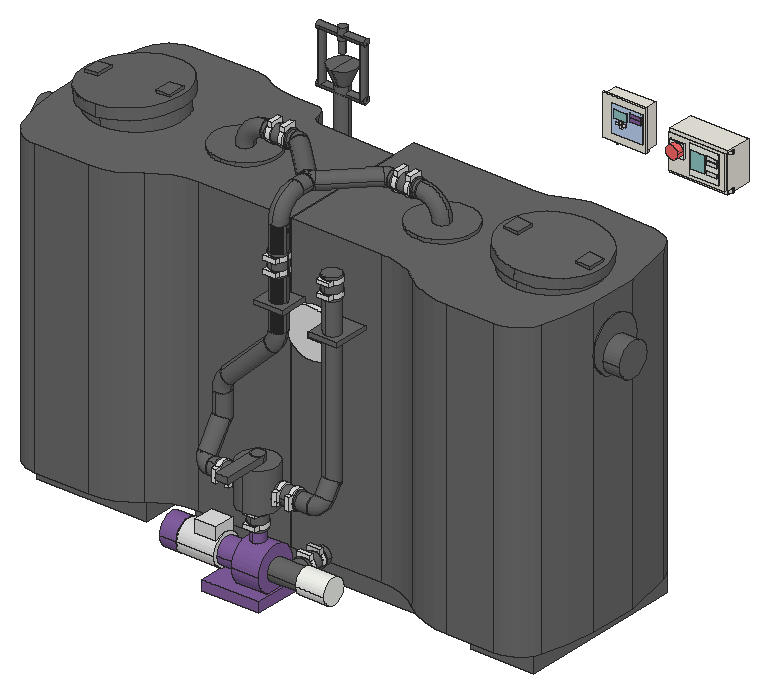
Revit family "93010.02_ms", category Generic Models, Revit 2021
Family settings
  Can host rebar = No
  Round Connector Dimension = Use Diameter
  Part Type = Normal
  Work Plane-Based = No
  Always vertical = Yes
  Cut with Voids When Loaded = No
  Shared = Yes
  Room Calculation Point = No
Parameters (values of type "93010.02_MS")
  SUPPLIER = "KESSEL"
  SA810ID06 = "4026092065051"
  SA810ID03 = "93010.02/MS"
  SA71009ID06 = 3000 W
  SA71009ID05 = 3600 W
  SA71009ID04 = 1
  SA700ID17 = 1255 mm
  SA700ID14 = "ohne Angabe"
  SA700ID13 = 70 mm
  SA700ID09 = 1678 mm
  SA700ID08 = 940 mm
  SA700ID07 = 2590 mm
  SA700ID06 = 1000
  SA700ID05 = 10
  SA700ID04 = "Grease separator EasyClean free NS 10, Mix & Pump, SonicControl"
  SA500ID03 = "Sludge trap, integrated"
  SA400ID03 = "PE (Polyethylen)"
  SA250ID03 = "temperierte Umhausung"
  SA200ID03 = "free-standing set-up"
  SA100ID04 = "Abscheideranlage für Fette (Schlammfang und Fettabscheider)"
  PROCUREWEBLINK = "https://p.caden.as/kessel/93010.02%2FMS"
  PROCURELINK = "p.caden.as/kessel/93010.02%2FMS"
  PROCUREDATALASTUPDATE = "2024-05-22T12:18:15.742569325+01:00"
  PRC_SPECIFICATIONLINK = "https://ausschreiben.de/catalog/kessel/catalogItem/57364cce-6de5-4a7b-8ebc-f47fc08e488d"
  NN = "EasyClean free Mix & Pump grease separator"
  NBSYN = "$SA810ID03."
  NB = "93010.02/MS"
  Model = "93010.02/MS"
  Manufacturer = "KESSEL"
  MIdent = "{$CADENAS_DATA/23d-libs/kessel/kessel_vdi_import/40/abscheideranlage20fuer20fette/easyclean_free_mix_pump.prj},210 {STYP=ASS},{VTYP=3D},{NB=93010.02/MS},{LINA=93010.02/MS},{NN=EasyClean free Mix & Pump grease separator},{DATE=21.12.2022 12:04:43},{GEOMDATE=17.11.2022 09:57:07},{VERSION=},{LINEID=240},{WBVAR=},{WBNUMERIC=}  {NB=93010.02/MS},{LINA=93010.02/MS},{KT=DUMMY},{PREVIEW=../../bilder/ksb_w_9301002ms.png},{SA700ID04=Fettabscheider EasyClean free NS 10, Mix & Pump, SonicControl},{SA810ID06=4026092065051},{SA010ID04=KESSEL AG},{SA810ID03=93010.02/MS},{SA100ID04=Abscheideranlage für Fette (Schlammfang und Fettabscheider)},{SA200ID03=Freiaufstellung},{SA400ID03=PE (Polyethylen)},{SA500ID03=Schlammfang integriert},{SA700ID05=10.00},{SA700ID06=1000},{SA71009ID04=1},{SA71009ID05=3.60},{SA71009ID06=3.00},{SA250ID03=temperierte Umhausung},{SA700ID07=2590},{SA700ID09=1678},{SA700ID13=70},{SA700ID17=1255},{SA700ID08=940},{SA810ID10=\\\"Der Abscheider für fetthaltiges Abwasser ist für die freie Aufstellung in frostgeschützten Räumen geeignet und verzichtet auf metallische Bauteile im Behälter. Der Sammelbehälter aus dauerhaft beständigem Kunststoff (PE) ist mit einem integrierten Schlammfang ausgestattet und besitzt ein konisch zulaufendes Bodenteil für eine schnelle und saubere Entsorgung. Zwei geruchsdichte Deckel mit Schnellspannverschlüssen ermöglichen einen einfachen Zugang für Reinigungs- und Wartungsarbeiten.Das innovative Schredder-Mix-System mit integriertem Zerhacker übernimmt die Homogenisierung und Umwälzung des Behälterinhaltes. Die Reinigung und geruchsneutrale Entsorgung erfolgt dabei über eine außenliegende Pumpe mit 2-Wege-Ventil und Umschalthebel, die mit einem Absperrschieber vom Behälter getrennt werden kann. Nach der Entsorgung sind nur noch max. 3 Liter Schlammrestvolumen im Behälter vorhanden.Die manuelle Steuerung erfolgt durch ein anwenderfreundliches Schaltgerät, das über einen potentialfreien Kontakt in die Gebäudeleittechnik eingebunden werden kann.Gewährleistung auf den Werkstoff PE 20 Jahre.Ausführung:Absperreinrichtung: jaEntsorgungsart: manuelles Entsorgungs- und ReinigungssystemEntsorgungseinrichtung: EntsorgungspumpeEntsorgungsvariante: Mix & PumpFülleinrichtung nach DIN 1988: jaNenngröße (NS): 10Schauglas: jaSchredder-Mix-System: jaSonicControl: jaWasserversorgung: 1 Schraubventil 1\\\"\\\"Tragfähigkeit (DIN 19901): F3Lieferumfang: Storz-B-Kupplung R 2 1/2 \\\"\\\" für SaugwagenanschlussEinbausituation: freie AufstellungAllgemeine Merkmale:Material: PENorm: EN 1825: 2004, DIN 4040-100Abmessungen:Aufstellfläche Länge: 2.822 mmAufstellfläche Breite: 1.108 mmAufstellfläche Höhe: 1.932 mmEinbringmaß Länge: 2.590 mmEinbringmaß Breite: 940 mmEinbringmaß Höhe: 1.678 mmBehälter/Grundkörper:Zulauf Nennweite (DN): 150 mmZulauf Nennweite (DA): 160 mmAuslauf Nennweite (DN): 150Auslauf Nennweite (DA): 160Abstand Rohrsohle Zulauf zu Behälterboden: 1.255 mmAbstand Rohrsohle Auslauf zu Behälterboden: 1.185 mmAnschluss Zu-/Auslaufstutzen: PE-HD-Rohre nach DIN 19537, HT-Rohre nach DIN 19560, PP oder ASDruckabgang (DA): 75 mmDruckabgang (DN): 65 mmNenndruck (PN): 10Abdeckungsmerkmale:Abdeckungsart: DeckelAbdeckung Material: KunststoffAbdeckung Farbe: violettDichtheit: geruchsdichtVerriegelung: SchnellspannverschlussAbwasserinhalt:Abscheiderinhalt: 900 lGesamtvolumen: 1.900 lSchlammfanginhalt: 1.000 lSpeichermenge an Fett: 400 lFördereinrichtung:Pumpe: SPF 300 KE 2.0Anzahl Pumpen: 1Förderhöhe max.: 17 mFörderleistung max.: 60 m3/hBetriebsspannung: 400 VNetzfrequenz: 50 HzBetriebsart: S2 - 30 Min.Leistung P1: 3,6 kWLeistung P2: 3 kWDrehzahl: 2.850 U/minErforderliche Absicherung (Leitungsschutz): Absicherung über Schaltgerät 400 VFörderguttemperatur (dauerhaft) max.: 40 °CAnschlusstyp: DirektanschlussGewicht: 44 kgLaufrad Typ: Radiallaufrad mit ZerhackerLänge Netzanschlussleitung Pumpe: 5 mNennstrom: 6,2 ASchutzart Pumpe: IP 55Schutzklasse: ITyp Anschlussleitung Pumpe: H07RN-F 7G 1,5 mm2Temperaturüberwachung: integriertSteuerung:Schaltgerät: jaBetriebsspannung: 400 VNetzfrequenz: 50 HzSelbstdiagnosesystem (SDS): jaBatteriepufferung: neinMehrzeilige Displayanzeige: neinLogbuchfunktion: neinUSB-Schnittstelle: neinGSM-Schnittstelle: neinPotentialfreier Kontakt: jaErforderliche Absicherung (Leitungsschutz): 3 x C 16 AErforderliche Absicherung (RCD): 30 mAMotorschutz Schalter: jaSchutzart Schaltgerät: IP 54\\\"},{SA700ID14=ohne Angabe},{LODLEVEL=0},{CATEGORY3AA=},{CATEGORY3AB=EasyClean free Mix & Pump},{CATEGORY3AC=},{CATEGORY3AD=},{CATEGORY3AE=},{CATEGORY3AF=},{BEZEICHNUNG=},{BREITE=0.0},{TIEFE=MIN},{HOEHE=MIN},{MASSE=MIN},{LOD_=0,'Low'},{LOD_DEU=0,'Low'},{LOD_3DB=93010.02/MS_0},{DNIN1=150},{DNIN2=10},{DNIN3=10},{DNIN4=10},{DNIN5=MIN},{DNIN6=MIN},{DNIN7=MIN},{DNOUT1=150},{DNOUT2=50},{ISD=80},{ISD2=10},{SA960ID03=103},{SA960ID04=3L},{SA960ID08=http://www.kessel.de/info?han=93010.02/MS},{SA010ID01=010},{SA010ID02=40},{SA010ID06=www.kessel.de},{SA010ID08=4026092000007},{SA100ID01=100},{SA100ID02=1},{SA740ID01=740},{SA200ID01=200},{SA200ID02=1},{SA250ID01=250},{SA250ID02=1},{SA400ID01=400},{SA400ID02=1},{SA500ID01=500},{SA500ID02=1},{SA700ID01=700},{SA700ID02=103},{SA700ID14_=0},{SA71009ID01=710.09},{SA71009ID02=1},{SA71009ID03=SPF 300 KE 2.0},{SA71009ID07=IP55},{SA71009ID08=1},{SA71009ID09=1},{SA71009ID10=60},{SA71009ID11=17},{SA810ID01=810},{SA810ID02=103},{SA810ID04=93010.02/MS},{SA810ID07=103},{SA810ID14=PCE},{LINK=http://www.kessel.de/info?han=93010.02/MS},{LINK_=http://www.kessel.de/info?han=93010.02/MS},{LINK_DEU=http://www.kessel.de/info?han=93010.02/MS},{LODLEVELVIS=Low}"
  LINK = "http://www.kessel.de/info?han=93010.02/MS"
  LINA = "93010.02/MS"
  Default Elevation = 0 mm
  CREATOR = "CADENAS GmbH"
  CATALOG = "KESSEL"
  BOMINFO = "LINA"
  ARTICLENO = "NB"
Reference planes
  plane 1 "Center (Front/Back)": y = 0
  plane 2: z = 0
  plane 3 "Center (Left/Right)": x = 0
Dimensions and locks
  aligned and locked: level to plane 2
Nested families
  nested 1: "93010.02_ms_content" at (0, 0, 0), type "93010.02_MS_Content"
  nested 2: "93010.02_ms_part1_X0Y0" at (1000, 1000, 1500), type "93010.02_MS_PART1_X0Y0"
  nested 3: "93010.02_ms_part2_X0Y0" at (600, 1000, 1500), type "93010.02_MS_PART2_X0Y0"
  nested 4: "93010.02_ms_part3_X0Y0" at (0, 0, 0), type "93010.02_MS_PART3_X0Y0"
Connectors
  electrical at (910.5, 933.5, 1478)
    settings: on nested 2, index 1, voltage 0 V, apparent load 0 VA, apparent load phase1 0 VA, apparent load phase2 0 VA, apparent load phase3 0 VA, power factor 1, load classification "Other", number of poles 1, system type 31, power factor state 1, is connector primary yes, connector utility no, sub classification motor no, connector description ""
  electrical at (536, 972.5, 1469)
    settings: on nested 3, index 2, voltage 0 V, apparent load 0 VA, apparent load phase1 0 VA, apparent load phase2 0 VA, apparent load phase3 0 VA, power factor 1, load classification "Other", number of poles 1, system type 31, power factor state 1, is connector primary no, connector utility no, sub classification motor no, connector description ""
  piping at (-1440.3, 0, 1336), diameter 150
    settings: on nested 4, index 3, connector inside diameter 609.6 mm, connector length 0 mm, flow factor 0, pipe flow 0.0 L/s, pressure drop 0.0 Pa, fitting loss kfactor 0, connector angle 0.00°, fixture units 0, engagement length 0 mm, angle of deflection 0.00°, flow configuration 0, flow direction 1, fitting loss method 2, system type 8, joint type 0, gender type 0, connector reference index -1, connector utility 0, adjustable connector no, is connector primary yes, connector description ""
  piping at (-305, 374, 1937.9), diameter 10
    settings: on nested 4, index 4, connector inside diameter 609.6 mm, connector length 0 mm, flow factor 0, pipe flow 0.0 L/s, pressure drop 0.0 Pa, fitting loss kfactor 0, connector angle 0.00°, fixture units 0, engagement length 0 mm, angle of deflection 0.00°, flow configuration 0, flow direction 1, fitting loss method 2, system type 8, joint type 0, gender type 0, connector reference index -1, connector utility 0, adjustable connector no, is connector primary no, connector description ""
  piping at (290, -432.5, 1442), diameter 10
    settings: on nested 4, index 5, connector inside diameter 609.6 mm, connector length 0 mm, flow factor 0, pipe flow 0.0 L/s, pressure drop 0.0 Pa, fitting loss kfactor 0, connector angle 0.00°, fixture units 0, engagement length 0 mm, angle of deflection 0.00°, flow configuration 0, flow direction 1, fitting loss method 2, system type 8, joint type 0, gender type 0, connector reference index -1, connector utility 0, adjustable connector no, is connector primary no, connector description ""
  piping at (1387.2, 0, 1265), diameter 150
    settings: on nested 4, index 6, connector inside diameter 609.6 mm, connector length 0 mm, flow factor 0, pipe flow 0.0 L/s, pressure drop 0.0 Pa, fitting loss kfactor 0, connector angle 0.00°, fixture units 0, engagement length 0 mm, angle of deflection 0.00°, flow configuration 0, flow direction 2, fitting loss method 2, system type 7, joint type 0, gender type 0, connector reference index -1, connector utility 0, adjustable connector no, is connector primary no, connector description ""
  electrical at (-212, -514.5, 248.5)
    settings: on nested 4, index 7, voltage 0 V, apparent load 0 VA, apparent load phase1 0 VA, apparent load phase2 0 VA, apparent load phase3 0 VA, power factor 1, load classification "Other", number of poles 1, system type 31, power factor state 1, is connector primary no, connector utility no, sub classification motor no, connector description ""
Definition of nested family "93010.02_ms_part1_X0Y0"
  Parameters (values of type "93010.02_MS_PART1_X0Y0")
    SUPPLIER = "KESSEL"
    SA810ID06 = "4026092065051"
    SA810ID03 = "93010.02/MS"
    SA71009ID06 = 3000 W
    SA71009ID05 = 3600 W
    SA71009ID04 = 1
    SA700ID17 = 1255 mm
    SA700ID14 = "ohne Angabe"
    SA700ID13 = 70 mm
    SA700ID09 = 1678 mm
    SA700ID08 = 940 mm
    SA700ID07 = 2590 mm
    SA700ID06 = 1000
    SA700ID05 = 10
    SA700ID04 = "Grease separator EasyClean free NS 10, Mix & Pump, SonicControl"
    SA500ID03 = "Sludge trap, integrated"
    SA400ID03 = "PE (Polyethylen)"
    SA250ID03 = "temperierte Umhausung"
    SA200ID03 = "free-standing set-up"
    SA100ID04 = "Abscheideranlage für Fette (Schlammfang und Fettabscheider)"
    NBSYN = "$SA810ID03._PART1"
    NB = "93010.02/MS_PART1"
    Model = "93010.02/MS_PART1"
    Manufacturer = "KESSEL"
    MIdent = "{$CADENAS_DATA/23d-libs/kessel/kessel_vdi_import/40/abscheideranlage20fuer20fette/easyclean_free_mix_pump.prj},230 {VTYP=3D},{NB=93010.02/MS_PART1},{LINA=93010.02/MS_PART1},{NN=EasyClean free Mix & Pump grease separator_PART1},{NOPRJ=TRUE},{DATE=21.12.2022 12:04:43},{GEOMDATE=17.11.2022 09:57:07},{VERSION=},{LINEID=240},{WBVAR=},{WBNUMERIC=}  {NB=93010.02/MS_PART1},{LINA=93010.02/MS_PART1},{KT=DUMMY},{PREVIEW=../../bilder/ksb_w_9301002ms.png},{SA700ID04=Fettabscheider EasyClean free NS 10, Mix & Pump, SonicControl},{SA810ID06=4026092065051},{SA010ID04=KESSEL AG},{SA810ID03=93010.02/MS},{SA100ID04=Abscheideranlage für Fette (Schlammfang und Fettabscheider)},{SA200ID03=Freiaufstellung},{SA400ID03=PE (Polyethylen)},{SA500ID03=Schlammfang integriert},{SA700ID05=10.00},{SA700ID06=1000},{SA71009ID04=1},{SA71009ID05=3.60},{SA71009ID06=3.00},{SA250ID03=temperierte Umhausung},{SA700ID07=2590},{SA700ID09=1678},{SA700ID13=70},{SA700ID17=1255},{SA700ID08=940},{SA810ID10=\\\"Der Abscheider für fetthaltiges Abwasser ist für die freie Aufstellung in frostgeschützten Räumen geeignet und verzichtet auf metallische Bauteile im Behälter. Der Sammelbehälter aus dauerhaft beständigem Kunststoff (PE) ist mit einem integrierten Schlammfang ausgestattet und besitzt ein konisch zulaufendes Bodenteil für eine schnelle und saubere Entsorgung. Zwei geruchsdichte Deckel mit Schnellspannverschlüssen ermöglichen einen einfachen Zugang für Reinigungs- und Wartungsarbeiten.Das innovative Schredder-Mix-System mit integriertem Zerhacker übernimmt die Homogenisierung und Umwälzung des Behälterinhaltes. Die Reinigung und geruchsneutrale Entsorgung erfolgt dabei über eine außenliegende Pumpe mit 2-Wege-Ventil und Umschalthebel, die mit einem Absperrschieber vom Behälter getrennt werden kann. Nach der Entsorgung sind nur noch max. 3 Liter Schlammrestvolumen im Behälter vorhanden.Die manuelle Steuerung erfolgt durch ein anwenderfreundliches Schaltgerät, das über einen potentialfreien Kontakt in die Gebäudeleittechnik eingebunden werden kann.Gewährleistung auf den Werkstoff PE 20 Jahre.Ausführung:Absperreinrichtung: jaEntsorgungsart: manuelles Entsorgungs- und ReinigungssystemEntsorgungseinrichtung: EntsorgungspumpeEntsorgungsvariante: Mix & PumpFülleinrichtung nach DIN 1988: jaNenngröße (NS): 10Schauglas: jaSchredder-Mix-System: jaSonicControl: jaWasserversorgung: 1 Schraubventil 1\\\"\\\"Tragfähigkeit (DIN 19901): F3Lieferumfang: Storz-B-Kupplung R 2 1/2 \\\"\\\" für SaugwagenanschlussEinbausituation: freie AufstellungAllgemeine Merkmale:Material: PENorm: EN 1825: 2004, DIN 4040-100Abmessungen:Aufstellfläche Länge: 2.822 mmAufstellfläche Breite: 1.108 mmAufstellfläche Höhe: 1.932 mmEinbringmaß Länge: 2.590 mmEinbringmaß Breite: 940 mmEinbringmaß Höhe: 1.678 mmBehälter/Grundkörper:Zulauf Nennweite (DN): 150 mmZulauf Nennweite (DA): 160 mmAuslauf Nennweite (DN): 150Auslauf Nennweite (DA): 160Abstand Rohrsohle Zulauf zu Behälterboden: 1.255 mmAbstand Rohrsohle Auslauf zu Behälterboden: 1.185 mmAnschluss Zu-/Auslaufstutzen: PE-HD-Rohre nach DIN 19537, HT-Rohre nach DIN 19560, PP oder ASDruckabgang (DA): 75 mmDruckabgang (DN): 65 mmNenndruck (PN): 10Abdeckungsmerkmale:Abdeckungsart: DeckelAbdeckung Material: KunststoffAbdeckung Farbe: violettDichtheit: geruchsdichtVerriegelung: SchnellspannverschlussAbwasserinhalt:Abscheiderinhalt: 900 lGesamtvolumen: 1.900 lSchlammfanginhalt: 1.000 lSpeichermenge an Fett: 400 lFördereinrichtung:Pumpe: SPF 300 KE 2.0Anzahl Pumpen: 1Förderhöhe max.: 17 mFörderleistung max.: 60 m3/hBetriebsspannung: 400 VNetzfrequenz: 50 HzBetriebsart: S2 - 30 Min.Leistung P1: 3,6 kWLeistung P2: 3 kWDrehzahl: 2.850 U/minErforderliche Absicherung (Leitungsschutz): Absicherung über Schaltgerät 400 VFörderguttemperatur (dauerhaft) max.: 40 °CAnschlusstyp: DirektanschlussGewicht: 44 kgLaufrad Typ: Radiallaufrad mit ZerhackerLänge Netzanschlussleitung Pumpe: 5 mNennstrom: 6,2 ASchutzart Pumpe: IP 55Schutzklasse: ITyp Anschlussleitung Pumpe: H07RN-F 7G 1,5 mm2Temperaturüberwachung: integriertSteuerung:Schaltgerät: jaBetriebsspannung: 400 VNetzfrequenz: 50 HzSelbstdiagnosesystem (SDS): jaBatteriepufferung: neinMehrzeilige Displayanzeige: neinLogbuchfunktion: neinUSB-Schnittstelle: neinGSM-Schnittstelle: neinPotentialfreier Kontakt: jaErforderliche Absicherung (Leitungsschutz): 3 x C 16 AErforderliche Absicherung (RCD): 30 mAMotorschutz Schalter: jaSchutzart Schaltgerät: IP 54\\\"},{SA700ID14=ohne Angabe},{LODLEVEL=0},{CATEGORY3AA=},{CATEGORY3AB=EasyClean free Mix & Pump},{CATEGORY3AC=},{CATEGORY3AD=},{CATEGORY3AE=},{CATEGORY3AF=},{BEZEICHNUNG=},{BREITE=0.0},{TIEFE=MIN},{HOEHE=MIN},{MASSE=MIN},{LOD_=0,'Low'},{LOD_DEU=0,'Low'},{LOD_3DB=93010.02/MS_0},{DNIN1=150},{DNIN2=10},{DNIN3=10},{DNIN4=10},{DNIN5=MIN},{DNIN6=MIN},{DNIN7=MIN},{DNOUT1=150},{DNOUT2=50},{ISD=80},{ISD2=10},{SA960ID03=103},{SA960ID04=3L},{SA960ID08=http://www.kessel.de/info?han=93010.02/MS},{SA010ID01=010},{SA010ID02=40},{SA010ID06=www.kessel.de},{SA010ID08=4026092000007},{SA100ID01=100},{SA100ID02=1},{SA740ID01=740},{SA200ID01=200},{SA200ID02=1},{SA250ID01=250},{SA250ID02=1},{SA400ID01=400},{SA400ID02=1},{SA500ID01=500},{SA500ID02=1},{SA700ID01=700},{SA700ID02=103},{SA700ID14_=0},{SA71009ID01=710.09},{SA71009ID02=1},{SA71009ID03=SPF 300 KE 2.0},{SA71009ID07=IP55},{SA71009ID08=1},{SA71009ID09=1},{SA71009ID10=60},{SA71009ID11=17},{SA810ID01=810},{SA810ID02=103},{SA810ID04=93010.02/MS},{SA810ID07=103},{SA810ID14=PCE},{LINK=http://www.kessel.de/info?han=93010.02/MS},{LINK_=http://www.kessel.de/info?han=93010.02/MS},{LINK_DEU=http://www.kessel.de/info?han=93010.02/MS},{LODLEVELVIS=Low}"
    LINK = "http://www.kessel.de/info?han=93010.02/MS"
    LINA = "93010.02/MS_PART1"
    Default Elevation = 1219.2 mm
    CREATOR = "CADENAS GmbH"
    CATALOG = "KESSEL"
    BOMINFO = "LINA"
    ARTICLENO = "NB"
  Reference planes
    plane 1 "Center (Front/Back)": y = 0
    plane 2: z = 0
    plane 3 "Center (Left/Right)": x = 0
  Dimensions and locks
    aligned and locked: level to plane 2
  Nested families
    nested 1: "93010.02_ms_part1_content" at (0, 0, 0), type "93010.02_MS_PART1_Content"
  Definition of nested family "93010.02_ms_part1_content"
    Parameters (values of type "93010.02_MS_PART1_Content")
      SUPPLIER = "KESSEL"
      SA810ID06 = "4026092065051"
      SA810ID03 = "93010.02/MS"
      SA71009ID06 = 3000 W
      SA71009ID05 = 3600 W
      SA71009ID04 = 1
      SA700ID17 = 1255 mm
      SA700ID14 = "ohne Angabe"
      SA700ID13 = 70 mm
      SA700ID09 = 1678 mm
      SA700ID08 = 940 mm
      SA700ID07 = 2590 mm
      SA700ID06 = 1000
      SA700ID05 = 10
      SA700ID04 = "Grease separator EasyClean free NS 10, Mix & Pump, SonicControl"
      SA500ID03 = "Sludge trap, integrated"
      SA400ID03 = "PE (Polyethylen)"
      SA250ID03 = "temperierte Umhausung"
      SA200ID03 = "free-standing set-up"
      SA100ID04 = "Abscheideranlage für Fette (Schlammfang und Fettabscheider)"
      NBSYN = "$SA810ID03._PART1"
      NB = "93010.02/MS_PART1"
      Model = "93010.02/MS_PART1"
      Manufacturer = "KESSEL"
      LINK = "http://www.kessel.de/info?han=93010.02/MS"
      LINA = "93010.02/MS_PART1"
      Default Elevation = 1219.2 mm
      CREATOR = "CADENAS GmbH"
      CATALOG = "KESSEL"
      BOMINFO = "LINA"
      ARTICLENO = "NB"
    Reference planes
      plane 1 "Center (Front/Back)": y = 0
      plane 2: z = 0
      plane 3 "Center (Left/Right)": x = 0
    Forms (mm)
      Extrusion 1, solid, detail levels medium+fine
        sketch origin (139, 0, 0) x (0, -1, 0) y (0, 0, 1)
          loop
            line (0, 188) -> (0, 0) -> (122.5, 0) -> (122.5, 188) -> (0, 188)
        from 0 to 278
      Extrusion 2, solid, detail levels medium+fine
        sketch origin (130, -122.5, 14) x (0, -1, 0) y (0, 0, 1)
          loop
            line (0, 160) -> (0, 0) -> (5, 0) -> (5, 160) -> (0, 160)
        from 0 to 269
      Extrusion 3, solid, detail levels medium+fine
        sketch origin (100, -127.5, 26) x (0, -1, 0) y (0, 0, 1)
          loop
            line (-1.5, 135) -> (-1.5, 0) -> (0.2, 0) -> (0.2, 135) -> (-1.5, 135)
        from 0 to 140
      Extrusion 4, solid, detail levels medium+fine
        sketch origin (32.5, -127.7, 55) x (0, -1, 0) y (0, 0, 1)
          loop
            line (-1.5, 79) -> (-1.5, 0) -> (0.1, 0) -> (0.1, 79) -> (-1.5, 79)
        from 0 to 65
      Extrusion 5, solid, detail levels medium+fine
        sketch origin (92.5, -127.7, 97) x (0, -1, 0) y (0, 0, 1)
          loop
            line (-1.5, 16) -> (-1.5, 0) -> (0.1, 0) -> (0.1, 16) -> (-1.5, 16)
        from 0 to 51
      Extrusion 6, solid, detail levels medium+fine
        sketch origin (92.5, -127.7, 55) x (0, -1, 0) y (0, 0, 1)
          loop
            line (-1.5, 16) -> (-1.5, 0) -> (0.1, 0) -> (0.1, 16) -> (-1.5, 16)
        from 0 to 51
      Extrusion 7, solid, detail levels medium+fine
        sketch origin (92.5, -127.7, 118) x (0, -1, 0) y (0, 0, 1)
          loop
            line (-1.5, 16) -> (-1.5, 0) -> (0.1, 0) -> (0.1, 16) -> (-1.5, 16)
        from 0 to 51
      Extrusion 8, solid, detail levels medium+fine
        sketch origin (0.25, -66.5, 1.5) x (0.866025, 0.5, 0) y (0.5, -0.866025, 0)
          loop
            circle (0, 0) r 10
        from 0 to 2.5
      Extrusion 9, solid, detail levels medium+fine
        sketch origin (-63, -127.5, 84) x (0, -1, 0) y (0, 0, 1)
          loop
            line (0, 67) -> (0, 0) -> (7, 0) -> (7, 67) -> (0, 67)
        from 0 to 67
      Extrusion 10, solid, detail levels medium+fine
        sketch origin (-96.5, -134.5, 117.5) x (1, 0, 0) y (0, 0, 1)
          loop
            circle (0, 0) r 29.5
        from 0 to 29
      Extrusion 11, solid, detail levels medium+fine
        sketch origin (30.25, -66.5, 1.5) x (0.866025, 0.5, 0) y (0.5, -0.866025, 0)
          loop
            circle (0, 0) r 10
        from 0 to 2.5
      Extrusion 12, solid, detail levels medium+fine
        sketch origin (60.25, -66.5, 1.5) x (0.866025, 0.5, 0) y (0.5, -0.866025, 0)
          loop
            circle (0, 0) r 10
        from 0 to 2.5
      Extrusion 13, solid, detail levels medium+fine
        sketch origin (-44.5, -66.5, 0) x (0.866025, 0.5, 0) y (0.5, -0.866025, 0)
          loop
            line (0, 17.321) -> (-15, 8.66) -> (-15, -8.66) -> (0, -17.321) -> (15, -8.66) -> (15, 8.66) -> (0, 17.321)
        from 0 to 22
      Extrusion 14, solid, detail levels medium+fine
        sketch origin (-89.5, -66.5, 0) x (0.866025, 0.5, 0) y (0.5, -0.866025, 0)
          loop
            line (0, 17.321) -> (-15, 8.66) -> (-15, -8.66) -> (0, -17.321) -> (15, -8.66) -> (15, 8.66) -> (0, 17.321)
        from 0 to 22
      Extrusion 15, solid, detail levels medium+fine
        sketch origin (-128, 0, 177) x (-1, 0, 0) y (0, 0, 1)
          loop
            circle (0, 0) r 7.5
        from 0 to 2
      Extrusion 16, solid, detail levels medium+fine
        sketch origin (-128, 0, 11) x (-1, 0, 0) y (0, 0, 1)
          loop
            circle (0, 0) r 7.5
        from 0 to 2
      Extrusion 17, solid, detail levels medium+fine
        sketch origin (128, 0, 11) x (-1, 0, 0) y (0, 0, 1)
          loop
            circle (0, 0) r 7.5
        from 0 to 2
      Extrusion 18, solid, detail levels medium+fine
        sketch origin (128, 0, 177) x (-1, 0, 0) y (0, 0, 1)
          loop
            circle (0, 0) r 7.5
        from 0 to 2
      Extrusion 19, solid, detail levels medium+fine
        sketch origin (143.5, -100.5, 170) x (-1, 0, 0) y (0, -1, 0)
          loop
            circle (0, 0) r 5
        from 0 to 14
      Extrusion 20, solid, detail levels medium+fine
        sketch origin (139, -100.5, 170) x (0, -1, 0) y (1, 0, 0)
          loop
            line (0, 9.5) -> (0, 0) -> (20, 0) -> (0, 9.5)
        from 0 to 14
      Extrusion 21, solid, detail levels medium+fine
        sketch origin (143.5, -100.5, 4) x (-1, 0, 0) y (0, -1, 0)
          loop
            circle (0, 0) r 5
        from 0 to 14
      Extrusion 22, solid, detail levels medium+fine
        sketch origin (139, -100.5, 4) x (0, -1, 0) y (1, 0, 0)
          loop
            line (0, 9.5) -> (0, 0) -> (20, 0) -> (0, 9.5)
        from 0 to 14
      Extrusion 23, solid, detail levels coarse
        sketch origin (4.75, -80.75, -22) x (1, 0, 0) y (0, 1, 0)
          loop
            line (-143.75, -82.75) -> (143.75, -82.75) -> (143.75, 82.75) -> (-143.75, 82.75) -> (-143.75, -82.75)
        from 0 to 210
    Dimensions and locks
      aligned and locked: level to plane 2
Definition of nested family "93010.02_ms_part2_X0Y0"
  Parameters (values of type "93010.02_MS_PART2_X0Y0")
    SUPPLIER = "KESSEL"
    SA810ID06 = "4026092065051"
    SA810ID03 = "93010.02/MS"
    SA71009ID06 = 3000 W
    SA71009ID05 = 3600 W
    SA71009ID04 = 1
    SA700ID17 = 1255 mm
    SA700ID14 = "ohne Angabe"
    SA700ID13 = 70 mm
    SA700ID09 = 1678 mm
    SA700ID08 = 940 mm
    SA700ID07 = 2590 mm
    SA700ID06 = 1000
    SA700ID05 = 10
    SA700ID04 = "Grease separator EasyClean free NS 10, Mix & Pump, SonicControl"
    SA500ID03 = "Sludge trap, integrated"
    SA400ID03 = "PE (Polyethylen)"
    SA250ID03 = "temperierte Umhausung"
    SA200ID03 = "free-standing set-up"
    SA100ID04 = "Abscheideranlage für Fette (Schlammfang und Fettabscheider)"
    NBSYN = "$SA810ID03._PART2"
    NB = "93010.02/MS_PART2"
    Model = "93010.02/MS_PART2"
    Manufacturer = "KESSEL"
    MIdent = "{$CADENAS_DATA/23d-libs/kessel/kessel_vdi_import/40/abscheideranlage20fuer20fette/easyclean_free_mix_pump.prj},230 {VTYP=3D},{NB=93010.02/MS_PART2},{LINA=93010.02/MS_PART2},{NN=EasyClean free Mix & Pump grease separator_PART2},{NOPRJ=TRUE},{DATE=21.12.2022 12:04:43},{GEOMDATE=17.11.2022 09:57:07},{VERSION=},{LINEID=240},{WBVAR=},{WBNUMERIC=}  {NB=93010.02/MS_PART2},{LINA=93010.02/MS_PART2},{KT=DUMMY},{PREVIEW=../../bilder/ksb_w_9301002ms.png},{SA700ID04=Fettabscheider EasyClean free NS 10, Mix & Pump, SonicControl},{SA810ID06=4026092065051},{SA010ID04=KESSEL AG},{SA810ID03=93010.02/MS},{SA100ID04=Abscheideranlage für Fette (Schlammfang und Fettabscheider)},{SA200ID03=Freiaufstellung},{SA400ID03=PE (Polyethylen)},{SA500ID03=Schlammfang integriert},{SA700ID05=10.00},{SA700ID06=1000},{SA71009ID04=1},{SA71009ID05=3.60},{SA71009ID06=3.00},{SA250ID03=temperierte Umhausung},{SA700ID07=2590},{SA700ID09=1678},{SA700ID13=70},{SA700ID17=1255},{SA700ID08=940},{SA810ID10=\\\"Der Abscheider für fetthaltiges Abwasser ist für die freie Aufstellung in frostgeschützten Räumen geeignet und verzichtet auf metallische Bauteile im Behälter. Der Sammelbehälter aus dauerhaft beständigem Kunststoff (PE) ist mit einem integrierten Schlammfang ausgestattet und besitzt ein konisch zulaufendes Bodenteil für eine schnelle und saubere Entsorgung. Zwei geruchsdichte Deckel mit Schnellspannverschlüssen ermöglichen einen einfachen Zugang für Reinigungs- und Wartungsarbeiten.Das innovative Schredder-Mix-System mit integriertem Zerhacker übernimmt die Homogenisierung und Umwälzung des Behälterinhaltes. Die Reinigung und geruchsneutrale Entsorgung erfolgt dabei über eine außenliegende Pumpe mit 2-Wege-Ventil und Umschalthebel, die mit einem Absperrschieber vom Behälter getrennt werden kann. Nach der Entsorgung sind nur noch max. 3 Liter Schlammrestvolumen im Behälter vorhanden.Die manuelle Steuerung erfolgt durch ein anwenderfreundliches Schaltgerät, das über einen potentialfreien Kontakt in die Gebäudeleittechnik eingebunden werden kann.Gewährleistung auf den Werkstoff PE 20 Jahre.Ausführung:Absperreinrichtung: jaEntsorgungsart: manuelles Entsorgungs- und ReinigungssystemEntsorgungseinrichtung: EntsorgungspumpeEntsorgungsvariante: Mix & PumpFülleinrichtung nach DIN 1988: jaNenngröße (NS): 10Schauglas: jaSchredder-Mix-System: jaSonicControl: jaWasserversorgung: 1 Schraubventil 1\\\"\\\"Tragfähigkeit (DIN 19901): F3Lieferumfang: Storz-B-Kupplung R 2 1/2 \\\"\\\" für SaugwagenanschlussEinbausituation: freie AufstellungAllgemeine Merkmale:Material: PENorm: EN 1825: 2004, DIN 4040-100Abmessungen:Aufstellfläche Länge: 2.822 mmAufstellfläche Breite: 1.108 mmAufstellfläche Höhe: 1.932 mmEinbringmaß Länge: 2.590 mmEinbringmaß Breite: 940 mmEinbringmaß Höhe: 1.678 mmBehälter/Grundkörper:Zulauf Nennweite (DN): 150 mmZulauf Nennweite (DA): 160 mmAuslauf Nennweite (DN): 150Auslauf Nennweite (DA): 160Abstand Rohrsohle Zulauf zu Behälterboden: 1.255 mmAbstand Rohrsohle Auslauf zu Behälterboden: 1.185 mmAnschluss Zu-/Auslaufstutzen: PE-HD-Rohre nach DIN 19537, HT-Rohre nach DIN 19560, PP oder ASDruckabgang (DA): 75 mmDruckabgang (DN): 65 mmNenndruck (PN): 10Abdeckungsmerkmale:Abdeckungsart: DeckelAbdeckung Material: KunststoffAbdeckung Farbe: violettDichtheit: geruchsdichtVerriegelung: SchnellspannverschlussAbwasserinhalt:Abscheiderinhalt: 900 lGesamtvolumen: 1.900 lSchlammfanginhalt: 1.000 lSpeichermenge an Fett: 400 lFördereinrichtung:Pumpe: SPF 300 KE 2.0Anzahl Pumpen: 1Förderhöhe max.: 17 mFörderleistung max.: 60 m3/hBetriebsspannung: 400 VNetzfrequenz: 50 HzBetriebsart: S2 - 30 Min.Leistung P1: 3,6 kWLeistung P2: 3 kWDrehzahl: 2.850 U/minErforderliche Absicherung (Leitungsschutz): Absicherung über Schaltgerät 400 VFörderguttemperatur (dauerhaft) max.: 40 °CAnschlusstyp: DirektanschlussGewicht: 44 kgLaufrad Typ: Radiallaufrad mit ZerhackerLänge Netzanschlussleitung Pumpe: 5 mNennstrom: 6,2 ASchutzart Pumpe: IP 55Schutzklasse: ITyp Anschlussleitung Pumpe: H07RN-F 7G 1,5 mm2Temperaturüberwachung: integriertSteuerung:Schaltgerät: jaBetriebsspannung: 400 VNetzfrequenz: 50 HzSelbstdiagnosesystem (SDS): jaBatteriepufferung: neinMehrzeilige Displayanzeige: neinLogbuchfunktion: neinUSB-Schnittstelle: neinGSM-Schnittstelle: neinPotentialfreier Kontakt: jaErforderliche Absicherung (Leitungsschutz): 3 x C 16 AErforderliche Absicherung (RCD): 30 mAMotorschutz Schalter: jaSchutzart Schaltgerät: IP 54\\\"},{SA700ID14=ohne Angabe},{LODLEVEL=0},{CATEGORY3AA=},{CATEGORY3AB=EasyClean free Mix & Pump},{CATEGORY3AC=},{CATEGORY3AD=},{CATEGORY3AE=},{CATEGORY3AF=},{BEZEICHNUNG=},{BREITE=0.0},{TIEFE=MIN},{HOEHE=MIN},{MASSE=MIN},{LOD_=0,'Low'},{LOD_DEU=0,'Low'},{LOD_3DB=93010.02/MS_0},{DNIN1=150},{DNIN2=10},{DNIN3=10},{DNIN4=10},{DNIN5=MIN},{DNIN6=MIN},{DNIN7=MIN},{DNOUT1=150},{DNOUT2=50},{ISD=80},{ISD2=10},{SA960ID03=103},{SA960ID04=3L},{SA960ID08=http://www.kessel.de/info?han=93010.02/MS},{SA010ID01=010},{SA010ID02=40},{SA010ID06=www.kessel.de},{SA010ID08=4026092000007},{SA100ID01=100},{SA100ID02=1},{SA740ID01=740},{SA200ID01=200},{SA200ID02=1},{SA250ID01=250},{SA250ID02=1},{SA400ID01=400},{SA400ID02=1},{SA500ID01=500},{SA500ID02=1},{SA700ID01=700},{SA700ID02=103},{SA700ID14_=0},{SA71009ID01=710.09},{SA71009ID02=1},{SA71009ID03=SPF 300 KE 2.0},{SA71009ID07=IP55},{SA71009ID08=1},{SA71009ID09=1},{SA71009ID10=60},{SA71009ID11=17},{SA810ID01=810},{SA810ID02=103},{SA810ID04=93010.02/MS},{SA810ID07=103},{SA810ID14=PCE},{LINK=http://www.kessel.de/info?han=93010.02/MS},{LINK_=http://www.kessel.de/info?han=93010.02/MS},{LINK_DEU=http://www.kessel.de/info?han=93010.02/MS},{LODLEVELVIS=Low}"
    LINK = "http://www.kessel.de/info?han=93010.02/MS"
    LINA = "93010.02/MS_PART2"
    Default Elevation = 1219.2 mm
    CREATOR = "CADENAS GmbH"
    CATALOG = "KESSEL"
    BOMINFO = "LINA"
    ARTICLENO = "NB"
  Reference planes
    plane 1 "Center (Front/Back)": y = 0
    plane 2: z = 0
    plane 3 "Center (Left/Right)": x = 0
  Dimensions and locks
    aligned and locked: level to plane 2
  Nested families
    nested 1: "93010.02_ms_part2_content" at (0, 0, 0), type "93010.02_MS_PART2_Content"
  Definition of nested family "93010.02_ms_part2_content"
    Parameters (values of type "93010.02_MS_PART2_Content")
      SUPPLIER = "KESSEL"
      SA810ID06 = "4026092065051"
      SA810ID03 = "93010.02/MS"
      SA71009ID06 = 3000 W
      SA71009ID05 = 3600 W
      SA71009ID04 = 1
      SA700ID17 = 1255 mm
      SA700ID14 = "ohne Angabe"
      SA700ID13 = 70 mm
      SA700ID09 = 1678 mm
      SA700ID08 = 940 mm
      SA700ID07 = 2590 mm
      SA700ID06 = 1000
      SA700ID05 = 10
      SA700ID04 = "Grease separator EasyClean free NS 10, Mix & Pump, SonicControl"
      SA500ID03 = "Sludge trap, integrated"
      SA400ID03 = "PE (Polyethylen)"
      SA250ID03 = "temperierte Umhausung"
      SA200ID03 = "free-standing set-up"
      SA100ID04 = "Abscheideranlage für Fette (Schlammfang und Fettabscheider)"
      NBSYN = "$SA810ID03._PART2"
      NB = "93010.02/MS_PART2"
      Model = "93010.02/MS_PART2"
      Manufacturer = "KESSEL"
      LINK = "http://www.kessel.de/info?han=93010.02/MS"
      LINA = "93010.02/MS_PART2"
      Default Elevation = 1219.2 mm
      CREATOR = "CADENAS GmbH"
      CATALOG = "KESSEL"
      BOMINFO = "LINA"
      ARTICLENO = "NB"
    Reference planes
      plane 1 "Center (Front/Back)": y = 0
      plane 2: z = 0
      plane 3 "Center (Left/Right)": x = 0
    Forms (mm)
      Extrusion 1, solid, detail levels medium+fine
        sketch origin (94, 0, 5) x (0, -1, 0) y (0, 0, 1)
          loop
            line (0, 184) -> (0, 0) -> (64.5, 0) -> (64.5, 184) -> (0, 184)
        from 0 to 188
      Extrusion 2, solid, detail levels medium+fine
        sketch origin (104, -64.5, 0) x (0, -1, 0) y (0, 0, 1)
          loop
            line (0, 194) -> (0, 0) -> (3.5, 0) -> (3.5, 194) -> (0, 194)
        from 0 to 208
      Extrusion 3, solid, detail levels medium+fine
        sketch origin (86.3, -68, 33.2) x (0, -1, 0) y (0, 0, 1)
          loop
            line (-0.5, 127) -> (-0.5, 0) -> (1, 0) -> (1, 127) -> (-0.5, 127)
        from 0 to 146
      Extrusion 4, solid, detail levels medium+fine
        sketch origin (6.8, -69, 77.2) x (0, -1, 0) y (0, 0, 1)
          loop
            line (-0.5, 12) -> (-0.5, 0) -> (1, 0) -> (1, 12) -> (-0.5, 12)
        from 0 to 12
      Extrusion 5, solid, detail levels medium+fine
        sketch origin (-9.7, -69, 85.45) x (0, -1, 0) y (0, 0, 1)
          loop
            line (-0.5, 12) -> (-0.5, 0) -> (1, 0) -> (1, 12) -> (-0.5, 12)
        from 0 to 12
      Extrusion 6, solid, detail levels medium+fine
        sketch origin (-9.7, -69, 68.95) x (0, -1, 0) y (0, 0, 1)
          loop
            line (-0.5, 12) -> (-0.5, 0) -> (1, 0) -> (1, 12) -> (-0.5, 12)
        from 0 to 12
      Extrusion 7, solid, detail levels medium+fine
        sketch origin (13.3, -69, 100.45) x (0, -1, 0) y (0, 0, 1)
          loop
            line (-0.5, 37) -> (-0.5, 0) -> (1, 0) -> (1, 37) -> (-0.5, 37)
        from 0 to 65
      Extrusion 8, solid, detail levels medium+fine
        sketch origin (78.8, -69, 110.7) x (0, -1, 0) y (0, 0, 1)
          loop
            line (-0.5, 16) -> (-0.5, 0) -> (1, 0) -> (1, 16) -> (-0.5, 16)
        from 0 to 51
      Extrusion 9, solid, detail levels medium+fine
        sketch origin (-26.2, -69, 77.2) x (0, -1, 0) y (0, 0, 1)
          loop
            line (-0.5, 12) -> (-0.5, 0) -> (1, 0) -> (1, 12) -> (-0.5, 12)
        from 0 to 12
      Extrusion 10, solid, detail levels medium+fine
        sketch origin (78.75, -69, 130.75) x (0, -1, 0) y (0, 0, 1)
          loop
            line (-0.5, 16) -> (-0.5, 0) -> (1, 0) -> (1, 16) -> (-0.5, 16)
        from 0 to 51
      Extrusion 11, solid, detail levels medium+fine
        sketch origin (-64, -27.5, 5) x (1, 0, 0) y (0, -1, 0)
          loop
            circle (0, 0) r 12
        from 0 to 26
      Extrusion 12, solid, detail levels medium+fine
        sketch origin (-64, -27.5, -21) x (1, 0, 0) y (0, -1, 0)
          loop
            circle (0, 0) r 5
        from 0 to 10
      Extrusion 13, solid, detail levels medium+fine
        sketch origin (67, -27.5, 5) x (1, 0, 0) y (0, -1, 0)
          loop
            circle (0, 0) r 12
        from 0 to 26
      Extrusion 14, solid, detail levels coarse
        sketch origin (0, -35, -31) x (1, 0, 0) y (0, 1, 0)
          loop
            line (-104, -35) -> (104, -35) -> (104, 35) -> (-104, 35) -> (-104, -35)
        from 0 to 225
    Dimensions and locks
      aligned and locked: level to plane 2
Definition of nested family "93010.02_ms_part3_X0Y0"
  Parameters (values of type "93010.02_MS_PART3_X0Y0")
    SUPPLIER = "KESSEL"
    SA810ID06 = "4026092065051"
    SA810ID03 = "93010.02/MS"
    SA71009ID06 = 3000 W
    SA71009ID05 = 3600 W
    SA71009ID04 = 1
    SA700ID17 = 1255 mm
    SA700ID14 = "ohne Angabe"
    SA700ID13 = 70 mm
    SA700ID09 = 1678 mm
    SA700ID08 = 940 mm
    SA700ID07 = 2590 mm
    SA700ID06 = 1000
    SA700ID05 = 10
    SA700ID04 = "Grease separator EasyClean free NS 10, Mix & Pump, SonicControl"
    SA500ID03 = "Sludge trap, integrated"
    SA400ID03 = "PE (Polyethylen)"
    SA250ID03 = "temperierte Umhausung"
    SA200ID03 = "free-standing set-up"
    SA100ID04 = "Abscheideranlage für Fette (Schlammfang und Fettabscheider)"
    NBSYN = "$SA810ID03._PART3"
    NB = "93010.02/MS_PART3"
    Model = "93010.02/MS_PART3"
    Manufacturer = "KESSEL"
    MIdent = "{$CADENAS_DATA/23d-libs/kessel/kessel_vdi_import/40/abscheideranlage20fuer20fette/easyclean_free_mix_pump.prj},230 {VTYP=3D},{NB=93010.02/MS_PART3},{LINA=93010.02/MS_PART3},{NN=EasyClean free Mix & Pump grease separator_PART3},{NOPRJ=TRUE},{DATE=21.12.2022 12:04:43},{GEOMDATE=17.11.2022 09:57:07},{VERSION=},{LINEID=240},{WBVAR=},{WBNUMERIC=}  {NB=93010.02/MS_PART3},{LINA=93010.02/MS_PART3},{KT=DUMMY},{PREVIEW=../../bilder/ksb_w_9301002ms.png},{SA700ID04=Fettabscheider EasyClean free NS 10, Mix & Pump, SonicControl},{SA810ID06=4026092065051},{SA010ID04=KESSEL AG},{SA810ID03=93010.02/MS},{SA100ID04=Abscheideranlage für Fette (Schlammfang und Fettabscheider)},{SA200ID03=Freiaufstellung},{SA400ID03=PE (Polyethylen)},{SA500ID03=Schlammfang integriert},{SA700ID05=10.00},{SA700ID06=1000},{SA71009ID04=1},{SA71009ID05=3.60},{SA71009ID06=3.00},{SA250ID03=temperierte Umhausung},{SA700ID07=2590},{SA700ID09=1678},{SA700ID13=70},{SA700ID17=1255},{SA700ID08=940},{SA810ID10=\\\"Der Abscheider für fetthaltiges Abwasser ist für die freie Aufstellung in frostgeschützten Räumen geeignet und verzichtet auf metallische Bauteile im Behälter. Der Sammelbehälter aus dauerhaft beständigem Kunststoff (PE) ist mit einem integrierten Schlammfang ausgestattet und besitzt ein konisch zulaufendes Bodenteil für eine schnelle und saubere Entsorgung. Zwei geruchsdichte Deckel mit Schnellspannverschlüssen ermöglichen einen einfachen Zugang für Reinigungs- und Wartungsarbeiten.Das innovative Schredder-Mix-System mit integriertem Zerhacker übernimmt die Homogenisierung und Umwälzung des Behälterinhaltes. Die Reinigung und geruchsneutrale Entsorgung erfolgt dabei über eine außenliegende Pumpe mit 2-Wege-Ventil und Umschalthebel, die mit einem Absperrschieber vom Behälter getrennt werden kann. Nach der Entsorgung sind nur noch max. 3 Liter Schlammrestvolumen im Behälter vorhanden.Die manuelle Steuerung erfolgt durch ein anwenderfreundliches Schaltgerät, das über einen potentialfreien Kontakt in die Gebäudeleittechnik eingebunden werden kann.Gewährleistung auf den Werkstoff PE 20 Jahre.Ausführung:Absperreinrichtung: jaEntsorgungsart: manuelles Entsorgungs- und ReinigungssystemEntsorgungseinrichtung: EntsorgungspumpeEntsorgungsvariante: Mix & PumpFülleinrichtung nach DIN 1988: jaNenngröße (NS): 10Schauglas: jaSchredder-Mix-System: jaSonicControl: jaWasserversorgung: 1 Schraubventil 1\\\"\\\"Tragfähigkeit (DIN 19901): F3Lieferumfang: Storz-B-Kupplung R 2 1/2 \\\"\\\" für SaugwagenanschlussEinbausituation: freie AufstellungAllgemeine Merkmale:Material: PENorm: EN 1825: 2004, DIN 4040-100Abmessungen:Aufstellfläche Länge: 2.822 mmAufstellfläche Breite: 1.108 mmAufstellfläche Höhe: 1.932 mmEinbringmaß Länge: 2.590 mmEinbringmaß Breite: 940 mmEinbringmaß Höhe: 1.678 mmBehälter/Grundkörper:Zulauf Nennweite (DN): 150 mmZulauf Nennweite (DA): 160 mmAuslauf Nennweite (DN): 150Auslauf Nennweite (DA): 160Abstand Rohrsohle Zulauf zu Behälterboden: 1.255 mmAbstand Rohrsohle Auslauf zu Behälterboden: 1.185 mmAnschluss Zu-/Auslaufstutzen: PE-HD-Rohre nach DIN 19537, HT-Rohre nach DIN 19560, PP oder ASDruckabgang (DA): 75 mmDruckabgang (DN): 65 mmNenndruck (PN): 10Abdeckungsmerkmale:Abdeckungsart: DeckelAbdeckung Material: KunststoffAbdeckung Farbe: violettDichtheit: geruchsdichtVerriegelung: SchnellspannverschlussAbwasserinhalt:Abscheiderinhalt: 900 lGesamtvolumen: 1.900 lSchlammfanginhalt: 1.000 lSpeichermenge an Fett: 400 lFördereinrichtung:Pumpe: SPF 300 KE 2.0Anzahl Pumpen: 1Förderhöhe max.: 17 mFörderleistung max.: 60 m3/hBetriebsspannung: 400 VNetzfrequenz: 50 HzBetriebsart: S2 - 30 Min.Leistung P1: 3,6 kWLeistung P2: 3 kWDrehzahl: 2.850 U/minErforderliche Absicherung (Leitungsschutz): Absicherung über Schaltgerät 400 VFörderguttemperatur (dauerhaft) max.: 40 °CAnschlusstyp: DirektanschlussGewicht: 44 kgLaufrad Typ: Radiallaufrad mit ZerhackerLänge Netzanschlussleitung Pumpe: 5 mNennstrom: 6,2 ASchutzart Pumpe: IP 55Schutzklasse: ITyp Anschlussleitung Pumpe: H07RN-F 7G 1,5 mm2Temperaturüberwachung: integriertSteuerung:Schaltgerät: jaBetriebsspannung: 400 VNetzfrequenz: 50 HzSelbstdiagnosesystem (SDS): jaBatteriepufferung: neinMehrzeilige Displayanzeige: neinLogbuchfunktion: neinUSB-Schnittstelle: neinGSM-Schnittstelle: neinPotentialfreier Kontakt: jaErforderliche Absicherung (Leitungsschutz): 3 x C 16 AErforderliche Absicherung (RCD): 30 mAMotorschutz Schalter: jaSchutzart Schaltgerät: IP 54\\\"},{SA700ID14=ohne Angabe},{LODLEVEL=0},{CATEGORY3AA=},{CATEGORY3AB=EasyClean free Mix & Pump},{CATEGORY3AC=},{CATEGORY3AD=},{CATEGORY3AE=},{CATEGORY3AF=},{BEZEICHNUNG=},{BREITE=0.0},{TIEFE=MIN},{HOEHE=MIN},{MASSE=MIN},{LOD_=0,'Low'},{LOD_DEU=0,'Low'},{LOD_3DB=93010.02/MS_0},{DNIN1=150},{DNIN2=10},{DNIN3=10},{DNIN4=10},{DNIN5=MIN},{DNIN6=MIN},{DNIN7=MIN},{DNOUT1=150},{DNOUT2=50},{ISD=80},{ISD2=10},{SA960ID03=103},{SA960ID04=3L},{SA960ID08=http://www.kessel.de/info?han=93010.02/MS},{SA010ID01=010},{SA010ID02=40},{SA010ID06=www.kessel.de},{SA010ID08=4026092000007},{SA100ID01=100},{SA100ID02=1},{SA740ID01=740},{SA200ID01=200},{SA200ID02=1},{SA250ID01=250},{SA250ID02=1},{SA400ID01=400},{SA400ID02=1},{SA500ID01=500},{SA500ID02=1},{SA700ID01=700},{SA700ID02=103},{SA700ID14_=0},{SA71009ID01=710.09},{SA71009ID02=1},{SA71009ID03=SPF 300 KE 2.0},{SA71009ID07=IP55},{SA71009ID08=1},{SA71009ID09=1},{SA71009ID10=60},{SA71009ID11=17},{SA810ID01=810},{SA810ID02=103},{SA810ID04=93010.02/MS},{SA810ID07=103},{SA810ID14=PCE},{LINK=http://www.kessel.de/info?han=93010.02/MS},{LINK_=http://www.kessel.de/info?han=93010.02/MS},{LINK_DEU=http://www.kessel.de/info?han=93010.02/MS},{LODLEVELVIS=Low}"
    LINK = "http://www.kessel.de/info?han=93010.02/MS"
    LINA = "93010.02/MS_PART3"
    Default Elevation = 1219.2 mm
    CREATOR = "CADENAS GmbH"
    CATALOG = "KESSEL"
    BOMINFO = "LINA"
    ARTICLENO = "NB"
  Reference planes
    plane 1 "Center (Front/Back)": y = 0
    plane 2: z = 0
    plane 3 "Center (Left/Right)": x = 0
  Dimensions and locks
    aligned and locked: level to plane 2
  Nested families
    nested 1: "93010.02_ms_part3_content" at (0, 0, 0), type "93010.02_MS_PART3_Content"
  Definition of nested family "93010.02_ms_part3_content"
    Parameters (values of type "93010.02_MS_PART3_Content")
      SUPPLIER = "KESSEL"
      SA810ID06 = "4026092065051"
      SA810ID03 = "93010.02/MS"
      SA71009ID06 = 3000 W
      SA71009ID05 = 3600 W
      SA71009ID04 = 1
      SA700ID17 = 1255 mm
      SA700ID14 = "ohne Angabe"
      SA700ID13 = 70 mm
      SA700ID09 = 1678 mm
      SA700ID08 = 940 mm
      SA700ID07 = 2590 mm
      SA700ID06 = 1000
      SA700ID05 = 10
      SA700ID04 = "Grease separator EasyClean free NS 10, Mix & Pump, SonicControl"
      SA500ID03 = "Sludge trap, integrated"
      SA400ID03 = "PE (Polyethylen)"
      SA250ID03 = "temperierte Umhausung"
      SA200ID03 = "free-standing set-up"
      SA100ID04 = "Abscheideranlage für Fette (Schlammfang und Fettabscheider)"
      NBSYN = "$SA810ID03._PART3"
      NB = "93010.02/MS_PART3"
      Model = "93010.02/MS_PART3"
      Manufacturer = "KESSEL"
      LINK = "http://www.kessel.de/info?han=93010.02/MS"
      LINA = "93010.02/MS_PART3"
      Default Elevation = 1219.2 mm
      CREATOR = "CADENAS GmbH"
      CATALOG = "KESSEL"
      BOMINFO = "LINA"
      ARTICLENO = "NB"
    Reference planes
      plane 1 "Center (Front/Back)": y = 0
      plane 2: z = 0
      plane 3 "Center (Left/Right)": x = 0
    Forms (mm)
      Revolve 1, solid, detail levels medium+fine
        sketch origin (-268.5, -391, 729.5) x (1, 0, 0) y (0, 1, 0)
          loop
            circle (0, 0) r 37
          axis (100, 0) -> (100, -1)
        angle from -45 to 0
      Extrusion 2, solid, detail levels medium+fine
        sketch origin (-268.5, -391, 613) x (0, 1, 0) y (-1, 0, 0)
          loop
            circle (0, 0) r 37.5
        from 0 to 117
      Revolve 3, solid, detail levels medium+fine
        sketch origin (-268.5, -391, 613) x (0, 1, 0) y (0, 0, 1)
          loop
            line (0, 37.5) -> (0, -37.5)
            arc (0, -37.5) -> (37.5, 0) -> (0, 37.5) r 37.5
          axis (0, -37.5) -> (0, 37.5)
        angle from -360 to 0
      Extrusion 4, solid, detail levels medium+fine
        sketch origin (-268.5, -482.8, 490.33) x (-1, 0, 0) y (0, -0.819152, 0.573577)
          loop
            circle (0, 0) r 37.5
        from 0 to 150
      Revolve 5, solid, detail levels medium+fine
        sketch origin (-230.5, -503, 463) x (0, 0.573577, 0.819152) y (0, 0.819152, -0.573577)
          loop
            circle (0, 0) r 37.5
          axis (38, 0) -> (38, -1)
        angle from -90 to 0
      Extrusion 6, solid, detail levels medium+fine
        sketch origin (27, -503, 463) x (0, -0.573576, 0.819152) y (0, 0.819152, 0.573576)
          loop
            circle (0, 0) r 37.5
        from 0 to 257.5
      Extrusion 7, solid, detail levels medium+fine
        sketch origin (-104.5, -503, 464) x (0, 1, 0) y (0, 0, -1)
          loop
            circle (0, 0) r 45
        from 0 to 20
      Extrusion 8, solid, detail levels medium+fine
        sketch origin (-94.5, -503, 464) x (0, 1, 0) y (0, 0, -1)
          loop
            circle (0, 0) r 42
        from 0 to 100
      Extrusion 9, solid, detail levels medium+fine
        sketch origin (-164.5, -503, 464) x (0, 1, 0) y (0, 0, -1)
          loop
            circle (0, 0) r 45
        from 0 to 20
      Extrusion 10, solid, detail levels medium+fine
        sketch origin (-124.5, -534, 434) x (1, 0, 0) y (0, 0, 1)
          loop
            line (0, 60) -> (0, 0) -> (20, 0) -> (20, 60) -> (0, 60)
        from 0 to 25
      Extrusion 11, solid, detail levels medium+fine
        sketch origin (-184.5, -534, 434) x (1, 0, 0) y (0, 0, 1)
          loop
            line (0, 60) -> (0, 0) -> (20, 0) -> (20, 60) -> (0, 60)
        from 0 to 25
      Extrusion 12, solid, detail levels medium+fine
        sketch origin (0, -514, 384.5) x (0, 1, 0) y (-1, 0, 0)
          loop
            circle (0, 0) r 89.5
        from 0 to 188
      Extrusion 13, solid, detail levels medium+fine
        sketch origin (0, -514, 572.5) x (0, 1, 0) y (-1, 0, 0)
          loop
            circle (0, 0) r 30
        from 0 to 30
      Extrusion 14, solid, detail levels medium+fine
        sketch origin (-30, -514, 572.5) x (1, 0, 0) y (0, 0, 1)
          loop
            line (0, 30) -> (0, 0) -> (60, 0) -> (60, 30) -> (0, 30)
        from 0 to 216
      Extrusion 15, solid, detail levels medium+fine
        sketch origin (27, -503, 463) x (0, 0.573576, 0.819152) y (0, -0.819152, 0.573576)
          loop
            circle (0, 0) r 37.5
        from 0 to 226
      Extrusion 16, solid, detail levels medium+fine
        sketch origin (94.5, -503, 464) x (0, 1, 0) y (0, 0, 1)
          loop
            circle (0, 0) r 42
        from 0 to 100
      Extrusion 17, solid, detail levels medium+fine
        sketch origin (104.5, -503, 464) x (0, 1, 0) y (0, 0, 1)
          loop
            circle (0, 0) r 45
        from 0 to 20
      Extrusion 18, solid, detail levels medium+fine
        sketch origin (164.5, -503, 464) x (0, 1, 0) y (0, 0, 1)
          loop
            circle (0, 0) r 45
        from 0 to 20
      Extrusion 19, solid, detail levels medium+fine
        sketch origin (184.5, -534, 494) x (-1, 0, 0) y (0, 0, -1)
          loop
            line (0, 60) -> (0, 0) -> (20, 0) -> (20, 60) -> (0, 60)
        from 0 to 25
      Extrusion 20, solid, detail levels medium+fine
        sketch origin (124.5, -534, 494) x (-1, 0, 0) y (0, 0, -1)
          loop
            line (0, 60) -> (0, 0) -> (20, 0) -> (20, 60) -> (0, 60)
        from 0 to 25
      Revolve 21, solid, detail levels medium+fine
        sketch origin (253, -503, 463) x (0, 0.573576, 0.819152) y (0, -0.819152, 0.573576)
          loop
            circle (0, 0) r 37
          axis (38, 0) -> (38, -1)
        angle from -90 to 0
      Extrusion 22, solid, detail levels medium+fine
        sketch origin (291, -481.2, 494.12) x (-1, 0, 0) y (0, -0.819152, 0.573577)
          loop
            circle (0, 0) r 37.5
        from 0 to 75
      Revolve 23, solid, detail levels medium+fine
        sketch origin (290, -432.5, 553) x (-1, 0, 0) y (0, -0.819152, 0.573577)
          loop
            line (0, 37.5) -> (0, -37.5)
            arc (0, -37.5) -> (37.5, 0) -> (0, 37.5) r 37.5
          axis (0, -37.5) -> (0, 37.5)
        angle from -360 to 0
      Extrusion 24, solid, detail levels medium+fine
        sketch origin (-239.2, -391, 799.5) x (0.5, 0.707107, -0.5) y (-0.5, 0.707107, 0.5)
          loop
            circle (0, 0) r 37.5
        from 0 to 297.8
      Revolve 25, solid, detail levels medium+fine
        sketch origin (-29.1, -391, 1009.7) x (-0.707107, 0, 0.707107) y (0, -1, 0)
          loop
            circle (0, 0) r 37.5
          axis (100, 0) -> (100, -1)
        angle from -45 to 0
      Extrusion 26, solid, detail levels medium+fine
        sketch origin (0, 0, 1080) x (1, 0, 0) y (0, 1, 0)
          loop
            circle (0, -391) r 37.5
        from 0 to 459.5
      Extrusion 27, solid, detail levels medium+fine
        sketch origin (-70, 0, 0) x (0, 0, -1) y (0, 1, 0)
          loop
            line (-1210, -453.25) -> (-1189.5, -453.25) -> (-1189.5, -300) -> (-1210, -300) -> (-1210, -453.25)
        from 0 to 138
      Extrusion 28, solid, detail levels medium+fine
        sketch origin (-5.6, -0.5, 113) x (0, 1, 0) y (-1, 0, 0)
          loop
            arc (-472.5, 840.01) -> (-452.458, 732.188) -> (-395.01, 638.77) r 300.053
            arc (-395.01, 638.77) -> (-337.544, 545.351) -> (-317.5, 437.52) r 299.974
            line (-317.5, 437.52) -> (-317.5, -5.65) -> (302.5, -5.65) -> (308.56, 348.06)
            arc (308.56, 348.06) -> (323.647, 384.713) -> (360, 400.51) r 52.745
            arc (360, 400.51) -> (395.136, 416.85) -> (412.78, 451.35) r 59.553
            line (412.78, 451.35) -> (417.5, 576.04)
            arc (417.5, 576.04) -> (428.885, 657.901) -> (462.17, 733.55) r 300.062
            arc (462.17, 733.55) -> (473.998, 760.912) -> (478.3, 790.41) r 113.58
            line (478.3, 790.41) -> (469.67, 1100.45)
            arc (469.67, 1100.45) -> (439.667, 1185.426) -> (366.36, 1237.84) r 149.887
            arc (366.36, 1237.84) -> (242.587, 1269.403) -> (116.19, 1287.84) r 1218.91
            line (116.19, 1287.84) -> (-116.54, 1287.81)
            arc (-116.54, 1287.81) -> (-243.632, 1269.194) -> (-368.05, 1237.27) r 1215.563
            arc (-368.05, 1237.27) -> (-443.561, 1183.026) -> (-472.5, 1094.67) r 149.74
            line (-472.5, 1094.67) -> (-472.5, 840.01)
        from 0 to 1412
      Extrusion 29, solid, detail levels medium+fine
        sketch origin (0, 0, 113) x (1, 0, 0) y (0, 1, 0)
          loop
            line (0, -318) -> (432.535, -318)
            arc (432.535, -318) -> (542.131, -336.791) -> (639.208, -391.017) r 329
            arc (639.208, -391.017) -> (748.205, -451.902) -> (871.259, -473) r 369.4
            line (871.259, -473) -> (1099.721, -473)
            arc (1099.721, -473) -> (1188.535, -443.88) -> (1242.866, -367.828) r 150
            arc (1242.866, -367.828) -> (1274.651, -243.742) -> (1293.2, -117) r 1215.315
            line (1293.2, -117) -> (1293.2, 115.6)
            arc (1293.2, 115.6) -> (1274.982, 240.89) -> (1243.836, 363.607) r 1216.025
            arc (1243.836, 363.607) -> (1191.216, 438.696) -> (1104.724, 469.13) r 150
            line (1104.724, 469.13) -> (800.354, 477.574)
            arc (800.354, 477.574) -> (767.835, 473.773) -> (737.737, 460.886) r 114
            arc (737.737, 460.886) -> (662.795, 428.18) -> (581.796, 417) r 299
            line (581.796, 417) -> (0, 417) -> (0, -318)
        from 0 to 1412
      Extrusion 30, solid, detail levels medium+fine
        sketch origin (-1191.5, -347.5, 0) x (0, 1, 0) y (0, 0, 1)
          loop
            line (0, 113) -> (0, 0) -> (792, 0) -> (792, 113) -> (0, 113)
        from 0 to 526.5
      Extrusion 31, solid, detail levels medium+fine
        sketch origin (115, -316, 1081) x (1, 0, 0) y (0, 0, 1)
          loop
            circle (0, 0) r 116
        from 0 to 27
      Extrusion 32, solid, detail levels medium+fine
        sketch origin (235, -343, 1069.25) x (0, -1, 0) y (0, 0, 1)
          loop
            line (0, 23.5) -> (0, 0) -> (15, 0) -> (15, 23.5) -> (0, 23.5)
        from 0 to 120
      Extrusion 33, solid, detail levels medium+fine
        sketch origin (290, -432.5, 553) x (0, 1, 0) y (-1, 0, 0)
          loop
            circle (0, 0) r 37.5
        from 0 to 789
      Extrusion 34, solid, detail levels medium+fine
        sketch origin (359, -488.5, 1190) x (0, 1, 0) y (0, 0, -1)
          loop
            line (0, 20.5) -> (0, 0) -> (170.5, 0) -> (170.5, 20.5) -> (0, 20.5)
        from 0 to 138
      Extrusion 35, solid, detail levels medium+fine
        sketch origin (290, -432.5, 1342) x (0, 1, 0) y (-1, 0, 0)
          loop
            circle (0, 0) r 42
        from 0 to 100
      Extrusion 36, solid, detail levels medium+fine
        sketch origin (290, -432.5, 1352) x (0, 1, 0) y (-1, 0, 0)
          loop
            circle (0, 0) r 45
        from 0 to 20
      Extrusion 37, solid, detail levels medium+fine
        sketch origin (290, -432.5, 1412) x (0, 1, 0) y (-1, 0, 0)
          loop
            circle (0, 0) r 45
        from 0 to 20
      Extrusion 38, solid, detail levels medium+fine
        sketch origin (260, -463.5, 1372) x (0, 0, -1) y (1, 0, 0)
          loop
            line (0, 60) -> (0, 0) -> (20, 0) -> (20, 60) -> (0, 60)
        from 0 to 25
      Extrusion 39, solid, detail levels medium+fine
        sketch origin (260, -463.5, 1432) x (0, 0, -1) y (1, 0, 0)
          loop
            line (0, 60) -> (0, 0) -> (20, 0) -> (20, 60) -> (0, 60)
        from 0 to 25
      Extrusion 40, solid, detail levels medium+fine
        sketch origin (-5.7, -1, 113) x (0, 1, 0) y (-1, 0, 0)
          loop
            line (302.5, -5.75) -> (417.5, -5.75) -> (417.5, 576.04) -> (412.78, 451.35)
            arc (412.78, 451.35) -> (395.136, 416.85) -> (360, 400.51) r 59.553
            arc (360, 400.51) -> (323.647, 384.713) -> (308.56, 348.06) r 52.745
            line (308.56, 348.06) -> (302.5, -5.75)
        from 0 to 705
      Extrusion 41, solid, detail levels medium+fine
        sketch origin (-495.5, -265.5, 0) x (0, 1, 0) y (0, 0, 1)
          loop
            line (0, 113) -> (0, 0) -> (630, 0) -> (630, 113) -> (0, 113)
        from 0 to 1200
      Extrusion 42, solid, detail levels medium+fine
        sketch origin (-348.5, 306, 1284.2) x (0, 1, 0) y (0, 0, 1)
          loop
            line (0, 29.3) -> (0, 0) -> (111, 0) -> (111, 29.3) -> (0, 29.3)
        from 0 to 88
      Extrusion 43, solid, detail levels medium+fine
        sketch origin (-305, 374, 1168) x (1, 0, 0) y (0, 1, 0)
          loop
            circle (0, 0) r 31.5
        from 0 to 526.6
